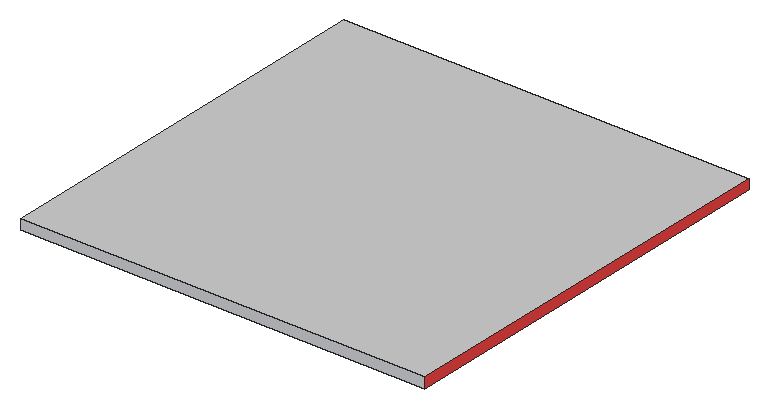
Revit family "GRIFO BAÑO-DUCHA KARIM DUE sin accesorios de ducha", category Aparatos sanitarios, Revit 2015
Parameters (values of type "88941500")
  URL = "http://www.griferiasgalindo.com/bano-ducha/karim-due/grifo-bano-ducha-karim-due?c=es"
  Teléfono = "(+34) 915 782 575"
  TIPO DE AGUA = "Fria/Caliente"
  REFERENCIA = "88941500"
  Presión Máxima = "5 bar"
  PESO BRUTO = ""
  Modelo = "KARIM DUE"
  Material = LATON CROMADO
  Imagen de tipo = <Ninguno>
  Fabricante = "PRESTO IBÉRICA"
  Default Elevation = 1219.2 mm
  ENTRADA = "Hembra 3/4\" a 1/2\" con excéntrica"
  Descripción = "Grifo monomando baño ducha. Esta serie de diseño tubular con cuerpo consistente y ergonomía funcional, proporciona una mezcla de estética sencilla y funcionalidad apta para todo tipo de usuarios y ambientes de baño. KARIM aporta el sistema de ahorro de agua Flowing Ecosystem con sistema de doble posición de maneta que permite ahorrar hasta un 50 % de agua. Estético, moderno, funcional y ecológico, así es KARIM DUE."
  Código de montaje = "C1030220"
  Contacto = "info@prestoiberica.com"
  Conexión AF = yes
  Conexión AC = yes
  Comentarios de tipo = "◦Grifo monomando baño ducha ecológico\r\n◦Acabado Cromo\r\n◦Disponible: sin o con accesorios de ducha\r\n◦Cartucho con discos cerámicos de diámetro 35 mm"
  CIERRE = ""
  CAUDAL = "20,2 l/min a 3 bar"
  Accionamiento = "Por maneta"
Reference planes
  plane 1 "Centro (Frontal/Posterior)": y = 0
  plane 2: z = 0
  plane 3 "Centro (Izquierda/Derecha)": x = 0
Forms (mm)
  Extrusion 1, solid
    sketch origin (0, 0, 0) x (1, 0, 0) y (0, 1, 0)
      loop
        line (-100, 100) -> (-100, -100) -> (100, -100) -> (100, 100) -> (-100, 100)
    from 0 to -5
Dimensions and locks
  Extrusion 1 sketch curve to plane 1 "Centro (Frontal/Posterior)" = 100 mm
  aligned and locked: plane 2 to Extrusion 1
  aligned and locked: level to Extrusion 1
Connectors
  piping at (-63, -2.83, -16.956), diameter 12.7
    settings: on import instance, index 1, connector inside diameter 609.6 mm, connector length 0 mm, flow factor 0, pipe flow 0.0 L/s, pressure drop 0.0 Pa, fitting loss kfactor 0, connector angle 0.00°, fixture units 0, engagement length 0 mm, angle of deflection 0.00°, flow configuration 0, flow direction 1, fitting loss method 0, system type 19, joint type 0, gender type 0, connector reference index -1, connector utility 0, adjustable connector no, is connector primary yes, connector description ""
  piping at (87, -2.83, -16.9), diameter 12.7
    settings: on import instance, index 2, connector inside diameter 609.6 mm, connector length 0 mm, flow factor 0, pipe flow 0.0 L/s, pressure drop 0.0 Pa, fitting loss kfactor 0, connector angle 0.00°, fixture units 0, engagement length 0 mm, angle of deflection 0.00°, flow configuration 0, flow direction 1, fitting loss method 0, system type 20, joint type 0, gender type 0, connector reference index -1, connector utility 0, adjustable connector no, is connector primary no, connector description ""
